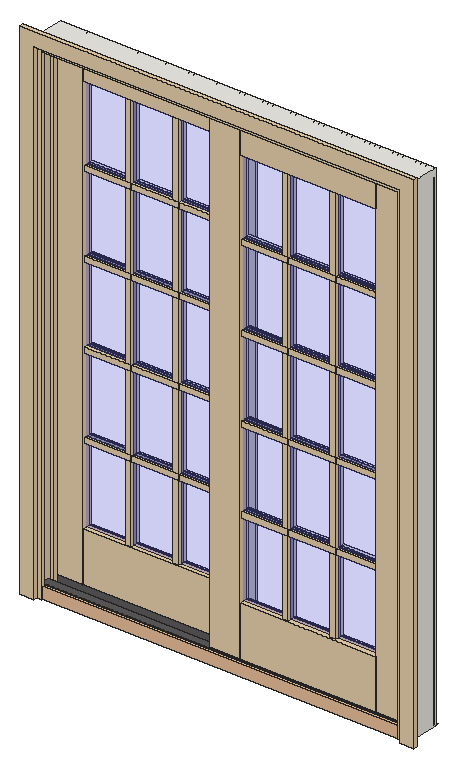
Revit family "Door-Gliding-Andersen-E_Series-Double 2", category Doors, host Wall, Revit 2013 (continued)
Definition of nested family "Gliding_Panel"
  Nested families (in)
    nested 11: "Andersen Grille Bar" at (5.02083, 0.5, 17.54687) x (-1, 0, 0) z (0, 1, 0), Bar Length <- "BS V DLO", visible <- "BS M V", Bar Width <- "Grille Bar Size", type "Andersen Grille Bar"
      with Glass / 2 0' - 0 3/16", Glass 0' - 0 3/4", Center Line Length 2' - 5 19/32", Center Line 2, Bar Width 0' - 0 7/8", Bar Length 2' - 5 19/32"
    nested 12: "Andersen Grille Bar" at (0, 0.5, 42) x (0, 0, 1) z (0, 1, 0), Bar Length <- "H DLO", visible <- "TS S H", Bar Width <- "Horizontal Craftsman Bar Size", type "Andersen Grille Bar"
      with Glass / 2 0' - 0 3/16", Glass 0' - 0 3/4", Center Line Length 2' - 5 1/4", Center Line 2, Bar Width 0' - 0 7/8", Bar Length 2' - 5 1/4"
    nested 13: "Andersen Grille Bar" at (0, 0.5, 42) x (0, 0, 1) z (0, 1, 0), Bar Length <- "H DLO", visible <- "TS S H Craftsman", Bar Width <- "Grille Bar Size", type "Andersen Grille Bar"
      with Glass / 2 0' - 0 3/16", Glass 0' - 0 3/4", Center Line Length 2' - 5 1/4", Center Line 2, Bar Width 0' - 0 7/8", Bar Length 2' - 5 1/4"
    nested 14: "Andersen Grille Bar" at (0, 0.5, 17.54687) x (0, 0, 1) z (0, 1, 0), Bar Length <- "H DLO", visible <- "BS M H", Bar Width <- "Grille Bar Size", type "Andersen Grille Bar"
      with Glass / 2 0' - 0 3/16", Glass 0' - 0 3/4", Center Line Length 2' - 5 1/4", Center Line 2, Bar Width 0' - 0 7/8", Bar Length 2' - 5 1/4"
  Definition of nested family "Andersen Grille Bar"
    Parameters (values of type "Andersen Grille Bar")
      Interior Bar Visibility = yes
      Interior Bar Material = none
      Glass / 2 [instance] = (Glass / 2) - 0' 0 3/16"  # 0' - 0 1/8"
      Glass [instance] = 0' - 0 5/8"
      Exterior Bar Visibility = yes
      Exterior Bar Finish = none
      Default Elevation = 4' - 0"
      Center Line Length [instance] = if(Center Line = 1, Bar Length + (Bar Width / 2), Bar Length)  # 0' - 4 7/16"
      Center Line [instance] = 1
      Between Glass Bar Visibility = yes
      Between Glass Bar Finish = none
      Bar Width [instance] = 0' - 0 7/8"
      Bar Length [instance] = 0' - 4"
    Reference planes (in)
      plane 1 "Center (Front/Back)": y = 0
      plane 2 "a": z = 0
      plane 3 "Center (Left/Right)": x = 0
      plane 4 "1": x = -0.4375
      plane 5 "2": x = 0.4375
      plane 6: y = 2
      plane 7: y = -2
      plane 8 "b": z = -0.625
      plane 9: z = -0.125
      plane 10: y = -2.4375
      plane 11 "a1": z = 12
      plane 12 "a2": z = -12
    Forms (in)
      Extrusion 1, solid
        sketch origin (0, 0, 0) x (1, 0, 0) y (0, 1, 0)
          loop
            line (-48, 48) -> (-48, -48) -> (48, -48) -> (48, 48) -> (-48, 48)
        from 0 to -12
      Extrusion 2, solid, material <- "Exterior Bar Finish", visible <- "Exterior Bar Visibility", detail levels fine
        sketch origin (0, 0, 0) x (1, 0, 0) y (0, 1, 0)
          loop
            line (-0.4375, 2) -> (-0.4375, -2) -> (0.4375, -2) -> (0.4375, 2) -> (-0.4375, 2)
        from 0 to 0.375
      Extrusion 3, solid, material <- "Between Glass Bar Finish", visible <- "Between Glass Bar Visibility", detail levels fine
        sketch origin (0, 0, 0) x (1, 0, 0) y (0, 1, 0)
          loop
            line (-0.4375, 2) -> (-0.4375, -2) -> (0.4375, -2) -> (0.4375, 2) -> (-0.4375, 2)
        from -0.5 to -0.125
      Extrusion 4, solid, material <- "Interior Bar Material", visible <- "Interior Bar Visibility", detail levels fine
        sketch origin (0, 0, 0) x (1, 0, 0) y (0, 1, 0)
          loop
            line (-0.4375, 2) -> (-0.4375, -2) -> (0.4375, -2) -> (0.4375, 2) -> (-0.4375, 2)
        from -1 to -0.625
    Lines and regions (in)
      model lines, style "GenericModel", detail levels coarse+medium
        curve 1: line (0, 2, 0) -> (0, -2.4375, 0)
      symbolic lines, style "GenericModel", detail levels coarse+medium
        curve 2: line (0, 2, 12) -> (0, -2.4375, 12)
        curve 3: line (0, 2, -12) -> (0, -2.4375, -12)
      model lines, style "InvisibleLines", not visible, detail levels coarse
        curve 4: line (0, 0, 12) -> (0, 0, -12)
      symbolic lines, detail levels fine
        curve 5: line (-0.4375, 2, 0) -> (-0.4375, -2, 0)
        curve 6: line (0.4375, 2, 0) -> (0.4375, -2, 0)
    Dimensions and locks (in)
      "Glass": plane 2 "a" to plane 8 "b"
      "Glass / 2": plane 2 "a" to plane 9
      locked: Extrusion 2 to Extrusion 2 at 0.375
      locked: plane 9 to Extrusion 3 at 0.375
      locked: plane 8 "b" to Extrusion 4 at 0.375
      equal spacing: plane 4 "1", plane 3 "Center (Left/Right)", plane 5 "2"
      equal spacing: plane 6, plane 1 "Center (Front/Back)", plane 7
      "Bar Width": plane 4 "1" to plane 5 "2"
      "Bar Length": plane 6 to plane 7
      "Center Line Length": plane 6 to plane 10
      locked: plane 11 "a1" to plane 2 "a" at 12
      locked: plane 2 "a" to plane 12 "a2" at 12
      aligned and locked: plane 2 "a" to Extrusion 1
      aligned and locked: level to Extrusion 1
      aligned and locked: Extrusion 2 to plane 2 "a"
      aligned and locked: Extrusion 2 to plane 4 "1"
      aligned and locked: plane 5 "2" to Extrusion 2
      aligned and locked: plane 6 to Extrusion 2
      aligned and locked: Extrusion 2 to plane 7
      aligned and locked: plane 9 to Extrusion 3
      aligned and locked: Extrusion 3 to plane 4 "1"
      aligned and locked: plane 5 "2" to Extrusion 3
      aligned and locked: plane 6 to Extrusion 3
      aligned and locked: Extrusion 3 to plane 7
      aligned and locked: plane 8 "b" to Extrusion 4
      aligned and locked: Extrusion 4 to plane 4 "1"
      aligned and locked: plane 5 "2" to Extrusion 4
      aligned and locked: plane 6 to Extrusion 4
      aligned and locked: Extrusion 4 to plane 7
      aligned and locked: plane 6 to curve 1
      aligned and locked: plane 10 to curve 1
      aligned and locked: curve 1 to plane 3 "Center (Left/Right)"
      aligned and locked: plane 6 to curve 2
      aligned and locked: plane 10 to curve 2
      aligned and locked: curve 2 to plane 3 "Center (Left/Right)"
      aligned and locked: plane 6 to curve 3
      aligned and locked: plane 10 to curve 3
      aligned and locked: curve 3 to plane 3 "Center (Left/Right)"
      aligned and locked: plane 11 "a1" to curve 4
      aligned and locked: plane 12 "a2" to curve 4
      aligned and locked: curve 4 to plane 1 "Center (Front/Back)"
      aligned and locked: plane 6 to curve 5
      aligned and locked: plane 6 to curve 6
      aligned and locked: plane 7 to curve 6
      aligned and locked: plane 7 to curve 5
      aligned and locked: curve 5 to plane 4 "1"
      aligned and locked: curve 6 to plane 5 "2"
    Automatic sketch dimensions
      Extrusion 1 sketch curve to Extrusion 1 sketch curve = 8' - 0"  (x2)
      plane 7 to Extrusion 2 sketch curve = 0' - 0"
      Extrusion 2 sketch curve to plane 5 "2" = 0' - 0 7/8"
      Extrusion 2 sketch curve to plane 6 = 0' - 0"
      Extrusion 2 sketch curve to Extrusion 2 sketch curve = 0' - 0 7/8"
      plane 7 to Extrusion 3 sketch curve = 0' - 0"
      Extrusion 3 sketch curve to plane 5 "2" = 0' - 0 7/8"
      Extrusion 3 sketch curve to plane 6 = 0' - 0"
      Extrusion 3 sketch curve to Extrusion 3 sketch curve = 0' - 0 7/8"
      Extrusion 4 sketch curve to plane 7 = 0' - 0"
      Extrusion 4 sketch curve to plane 5 "2" = 0' - 0 7/8"
      Extrusion 4 sketch curve to plane 6 = 0' - 0"
      Extrusion 4 sketch curve to Extrusion 4 sketch curve = 0' - 0 7/8"
